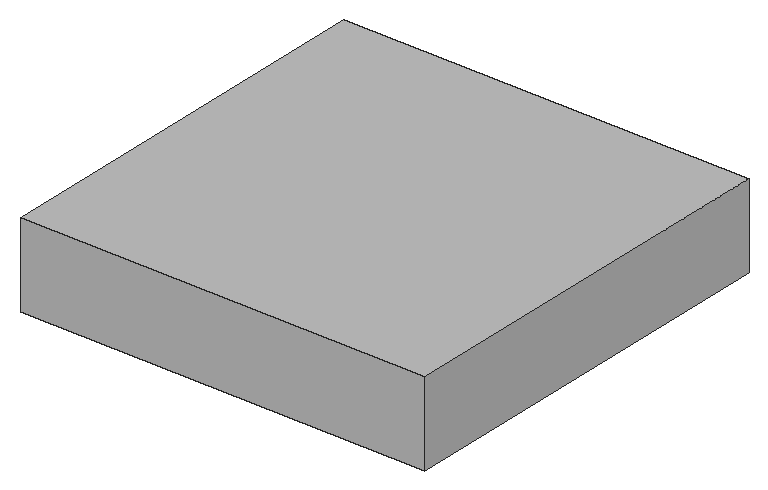
Revit family "FT211-Footing-Rectangular_void test", category Structural Foundations, Revit 2022
Family settings
  Material for Model Behavior = Concrete
  Cap = No
  Work Plane-Based = No
  Always vertical = Yes
  Cut with Voids When Loaded = No
  Shared = No
Parameters (values of type "FT211_2400x2400x500")
  Width = 2400 mm
  Top bar = "D25@300"
  Structural Material [instance] = A03AC032-00007_Structural Concrete_Type1_25MPa-30Mpa
  Length = 2400 mm
  Foundation Thickness = 500 mm
  Description = "UG Shallow Foundation"
  Bottom bar = "D20@300"
  Assembly Code = ""
Types (2, lengths in mm): name | Width | Length
  FT211_2400x2400x500 | 2400 | 2400
  FT211_10000x10000x500_test | 10000 | 10000
Reference planes
  plane 1 "중심(앞/뒤)": y = 0
  plane 2: z = 0
  plane 3 "중심(왼쪽/오른쪽)": x = 0
  plane 4: x = -1200
  plane 5: x = 1200
  plane 6: y = 1200
  plane 7: y = -1200
Forms (mm)
  Extrusion 1, solid, material "A03AC032-00007_Structural Concrete_Type1_25MPa-30Mpa" <- "Structural Material"
    sketch origin (0, 0, 0) x (1, 0, 0) y (0, 1, 0)
      loop
        line (-1200, 1200) -> (-1200, -1200) -> (1200, -1200) -> (1200, 1200) -> (-1200, 1200)
    from -500 to 0
Dimensions and locks
  "Foundation Thickness": plane 2 to Extrusion 1
  "Width": plane 4 to plane 5
  "Length": plane 6 to plane 7
  equal spacing: plane 6, plane 1 "중심(앞/뒤)", plane 7
  equal spacing: plane 4, plane 3 "중심(왼쪽/오른쪽)", plane 5
  aligned and locked: plane 4 to Extrusion 1 sketch curve
  aligned and locked: Extrusion 1 sketch curve to plane 5
  aligned and locked: Extrusion 1 sketch curve to plane 6
  aligned and locked: Extrusion 1 sketch curve to plane 7
  aligned and locked: level to Extrusion 1
